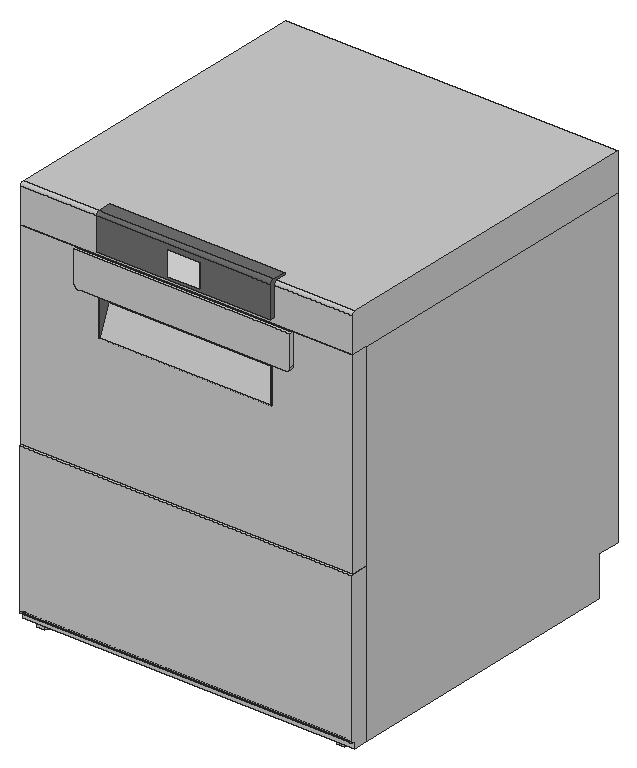
Revit family "QF_COMENDA_6F0282_CAT", category Attrezzature speciali, Revit 2021
Family settings
  Quota connettore circolare = Usa diametro
  Tipo di parte = Normale
  Numero OmniClass = 23.40.40.14
  Titolo OmniClass = Food Service Equipment
  Basato su piano di lavoro = No
  Sempre verticale = Sì
  Taglio con vuoti quando caricato = No
  Condiviso = No
  Punto di calcolo locali = No
Parameters (values of type "6F0282")
  URL catalogo = "https://comenda.fr/pdf/docs/Infinity/Infinity.pdf"
  URL = "www.comenda.fr"
  Tensione = 400 V
  Temperatura raccomandata per acqua calda = 50 °C
  Stand feet kit = no
  Show Logo [instance] = yes
  Show Clearance [instance] = yes
  Protezione contro le sovracorrenti = 16 A
  Prospetto di default = 0 mm
  Profondità = 605 mm
  Pressione minima acqua calda = 2000.0 Pa
  Potenza elettrica = 6850 W
  Peso netto = 59.00 kg
  Numero dei poli = 3
  Modello = "Bi35 R"
  Produttore = "COMENDA"
  Lunghezza = 600 mm
  HEIGHT FROM THE FLOOR = 5 mm
  Frequenza = 50 Hz
  Fase = 3
  Diametro raccordo acqua calda = 3/4"
  Diametro dello scarico diretto di acqua = 1 3/8"
  Descrizione = "MULTIPOWER DOUBLE WALL GLASS WASHER"
  Corrente di funzionamento normale = 10.2 A
  Assembly Code = ""
  Base stand with door = no
  Altezza dello scarico diretto acqua da pavimento finito = 51 mm
  Altezza da terra raccordo acqua calda = 51 mm
  Altezza allacciamento elettrico da pavimento finito = 38 mm
  Altezza = 720 mm
Reference planes
  plane 1 "Back": y = 0
  plane 2: z = 0
  plane 3 "Left": x = 0
  plane 4 "Right": x = 600
  plane 5 "Front": y = -600
  plane 6 "Top": z = 720
Forms (mm)
  Extrusion 1, solid
    sketch origin (0, 0, 555) x (1, 0, 0) y (0, 1, 0)
      loop
        line (21.3, -49.113) -> (14.1, -61.584) -> (21.3, -74.054) -> (35.7, -74.054) -> (42.9, -61.584) -> (35.7, -49.113) -> (21.3, -49.113)
      loop
        line (563.3, -49.113) -> (556.1, -61.584) -> (563.3, -74.054) -> (577.7, -74.054) -> (584.9, -61.584) -> (577.7, -49.113) -> (563.3, -49.113)
      loop
        line (21.3, -563.113) -> (14.1, -575.584) -> (21.3, -588.054) -> (35.7, -588.054) -> (42.9, -575.584) -> (35.7, -563.113) -> (21.3, -563.113)
      loop
        line (563.3, -563.113) -> (556.1, -575.584) -> (563.3, -588.054) -> (577.7, -588.054) -> (584.9, -575.584) -> (577.7, -563.113) -> (563.3, -563.113)
    from -555 to -548.5
  Extrusion 2, solid
    sketch origin (0, 0, 550) x (1, 0, 0) y (0, 1, 0)
      loop
        circle (28.5, -61.584) r 9
      loop
        circle (570.5, -61.584) r 9
      loop
        circle (28.5, -575.584) r 9
      loop
        circle (570.5, -575.584) r 9
    from -543.5 to -541.3
  Extrusion 3, solid
    sketch origin (0, 0, 449.5) x (0, 1, 0) y (0, 0, 1)
      loop
        arc (-592.594, 266.5) -> (-596.129, 265.036) -> (-597.594, 261.5) r 5
        line (-597.594, 261.5) -> (-597.594, 198.5) -> (0, 198.5) -> (0, 266.5) -> (-592.594, 266.5)
    from 0 to 600
  Extrusion 4, solid
    sketch origin (0, 0, 550) x (0, 1, 0) y (0, 0, 1)
      loop
        line (-568.297, 98) -> (-568.297, -541.3) -> (-42.297, -541.3) -> (-42.297, -469.3) -> (0, -469.3) -> (0, 98) -> (-568.297, 98)
    from 0 to 600
  Extrusion 5, solid
    sketch origin (0, 0, 550) x (0, 1, 0) y (0, 0, 1)
      loop
        line (-568.297, -541.3) -> (-568.297, -259.054) -> (-599.984, -259.054) -> (-599.984, -528.054)
        arc (-599.984, -528.054) -> (-599.281, -529.751) -> (-597.584, -530.454) r 2.4
        line (-597.584, -530.454) -> (-595.384, -530.454)
        arc (-595.384, -530.454) -> (-594.252, -530.922) -> (-593.784, -532.054) r 1.6
        line (-593.784, -532.054) -> (-593.784, -541.3) -> (-568.297, -541.3)
    from 0 to 600
  Extrusion 6, solid
    sketch origin (1000, -568.594, 550) x (1, 0, 0) y (0, 0, 1)
      loop
        line (-1000, 98) -> (-1000, -257.058) -> (-400, -257.058) -> (-400, 98) -> (-1000, 98)
    from 0 to 29
  Extrusion 7, solid, visible <- "Show Clearance", detail levels coarse
    sketch origin (0, -2.39, 542.058) x (0, 1, 0) y (0, 0, 1)
      loop
        arc (-597.594, 104.606) -> (-843.613, -0.58) -> (-937.544, -251.112) r 340.3
        line (-937.544, -251.112) -> (-597.594, -251.112) -> (-597.594, 104.606)
    from 0 to 600
  Extrusion 8, solid
    sketch origin (0, 0, 445.5) x (0, -1, 0) y (0, 0, 1)
      loop
        line (597.594, 211.343) -> (604.473, 211.343) -> (604.473, 268.5)
        arc (604.473, 268.5) -> (602.716, 272.743) -> (598.473, 274.5) r 6
        line (598.473, 274.5) -> (573.594, 274.5) -> (573.594, 270.5) -> (592.594, 270.5)
        arc (592.594, 270.5) -> (596.129, 269.036) -> (597.594, 265.5) r 5
        line (597.594, 265.5) -> (597.594, 211.343)
    from -142 to -457
  Extrusion 9, solid
    sketch origin (0, -604.473, 662.768) x (0, 0, 1) y (-1, 0, 0)
      loop
        line (-0.768, -270.988) -> (-0.768, -329) -> (42.232, -329) -> (42.232, -270.988) -> (-0.768, -270.988)
    from -2 to 0.5
  Extrusion 10, void
    sketch origin (0, -568.594, 650.792) x (0, 0, 1) y (0, -1, 0)
      loop
        line (-29.792, 29) -> (-136.792, 29) -> (-87.792, 9) -> (-29.792, 9) -> (-29.792, 29)
    from 140 to 454
  Extrusion 11, solid
    sketch origin (454, -568.594, 650.792) x (0, 0, -1) y (0, -1, 0)
      loop
        line (29.792, 29) -> (29.792, 9) -> (87.792, 9) -> (136.792, 29) -> (29.792, 29)
    from 0 to 2
  Extrusion 12, solid
    sketch origin (140, -568.594, 650.792) x (0, 0, 1) y (0, -1, 0)
      loop
        line (-29.792, 29) -> (-136.792, 29) -> (-87.792, 9) -> (-29.792, 9) -> (-29.792, 29)
    from 0 to 2
  Extrusion 13, solid
    sketch origin (0, -599.984, 648.998) x (0, 0, -1) y (-1, 0, 0)
      loop
        line (2.998, -100.009) -> (2.998, -490.988) -> (57.955, -490.988)
        arc (57.955, -490.988) -> (63.647, -488.63) -> (66.004, -482.938) r 8.05
        line (66.004, -482.938) -> (66.004, -110.009)
        arc (66.004, -110.009) -> (63.075, -102.938) -> (56.004, -100.009) r 10
        line (56.004, -100.009) -> (2.998, -100.009)
    from 2.406 to -3.6
  Extrusion 14, solid
    sketch origin (0, -42.297, 8.7) x (0, 0, 1) y (1, 0, 0)
      loop
        circle (29.3, 281) r 20
    from 0 to 20
  Extrusion 15, solid
    sketch origin (0, -42.297, 80.7) x (1, 0, 0) y (0, -1, 0)
      loop
        circle (478, -17.297) r 9.55
      loop
        circle (72, -17.297) r 13.5
    from 0 to 2
Cuts and joins
  Extrusion 10 cuts Extrusion 6
  Extrusion 10 cuts Extrusion 7
Lines and regions (mm)
  symbolic lines, style "200-EquipBorder-2D"
    curve 1: line (0, 0, 0) -> (600, 0, 0)
    curve 2: line (0, -599.984, 0) -> (0, 0, 0)
    curve 3: line (600, -599.984, 0) -> (0, -599.984, 0)
    curve 4: line (600, 0, 0) -> (600, -599.984, 0)
  symbolic lines, style "QF_Door-Drawer Clearances", visible <- "Show Clearance"
    curve 5: line (600, -939.65, 0) -> (0, -939.65, 0)
    curve 6: line (0, -599.984, 0) -> (0, -939.65, 0)
    curve 7: line (600, -939.65, 0) -> (600, -599.984, 0)
Dimensions and locks
  plane 3 "Left" to plane 4 "Right" = 600 mm
  plane 5 "Front" to plane 1 "Back" = 600 mm
  plane 6 "Top" to level = 720 mm
  Extrusion 4 to Extrusion 4 = 639.3 mm
  Extrusion 3 to Extrusion 4 = 68 mm
  Extrusion 1 to Extrusion 4 = 2.2 mm
  locked: Extrusion 1 to Extrusion 1 at 6.5
  locked: plane 6 "Top" to Extrusion 3 at 4
  locked: plane 6 "Top" to level at 720
  Extrusion 5 to level = 8.7 mm
  locked: plane 4 "Right" to plane 3 "Left" at 600
  aligned and locked: level to plane 2
  aligned and locked: Extrusion 2 to Extrusion 1
  aligned and locked: Extrusion 3 to Extrusion 8
Connectors
  electrical at (281, -22.297, 38), driven by "Numero dei poli", driven by "Tensione", driven by "Potenza elettrica"
    settings: on Extrusion 14, index 1, voltage 400 V, apparent load 6850 VA, apparent load phase1 0 VA, apparent load phase2 0 VA, apparent load phase3 0 VA, power factor 1, load classification "Altro", number of poles 3, system type 30, power factor state 1, is connector primary yes, connector utility no, sub classification motor no, connector description "QF_ELECTRICAL CONNECTION"
  piping at (478, -25, 78.7), diameter 19.05, driven by "Diametro raccordo acqua calda"
    settings: on Extrusion 15, index 2, connector inside diameter 24", connector length 0 mm, flow factor 0, pipe flow 0.0 L/s, pressure drop 0.0 Pa, fitting loss kfactor 0, connector angle 0.00°, fixture units 0, engagement length 0 mm, angle of deflection 0.00°, flow configuration 0, flow direction 1, fitting loss method 0, system type 19, joint type 0, gender type 0, connector reference index -1, connector utility 0, adjustable connector no, is connector primary yes, connector description "QF_WATER_CONNECTION"
  piping at (72, -25, 78.7), diameter 34.925, driven by "Diametro dello scarico diretto di acqua"
    settings: on Extrusion 15, index 3, connector inside diameter 24", connector length 0 mm, flow factor 0, pipe flow 0.0 L/s, pressure drop 0.0 Pa, fitting loss kfactor 0, connector angle 0.00°, fixture units 0, engagement length 0 mm, angle of deflection 0.00°, flow configuration 0, flow direction 2, fitting loss method 0, system type 19, joint type 0, gender type 0, connector reference index -1, connector utility 0, adjustable connector no, is connector primary no, connector description "QF_DRAIN_CONNECTION"
